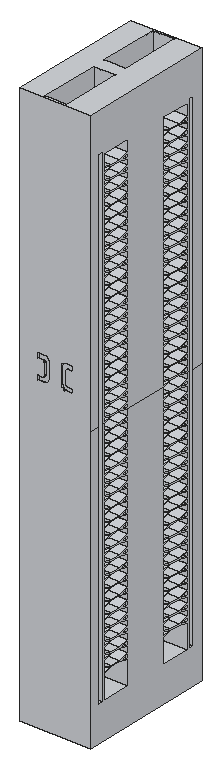
Revit family
Parameters
  Material ID = "760089417"
  Description = "Vertical Cable Management Kit, 12in X 96in (305mm X 2438mm) Double Sided, With Doors, Black"
Reference planes (in)
  plane 1 "Center (Front/Back)": y = 0
  plane 2: z = 0
  plane 3 "Center (Left/Right)": x = 0
Forms (in)
  Extrusion 1, void, not visible
    sketch origin (0, 0, 0) x (1, 0, 0) y (0, 0, 1)
      loop
        line (-7.85662, 0.48089) -> (-7.85662, -0.39002) -> (-7.67285, -0.39002) -> (-7.67285, -0.64002) -> (-7.0736, -0.64002) -> (-7.0736, -0.39002) -> (-6.92978, -0.39002) -> (-6.92978, 0.48089) -> (-7.85662, 0.48089)
    from -3.79215 to 12
  Extrusion 2, void, not visible
    sketch origin (0, 0, 0) x (1, 0, 0) y (0, 0, 1)
      loop
        line (-8.21397, 0.42583) -> (-8.21397, -0.07417) -> (-8.08657, -0.07417) -> (-8.08657, -0.27417) -> (-7.83657, -0.27417) -> (-7.83657, -0.07417) -> (-7.72497, -0.07417) -> (-7.72497, 0.42583) -> (-8.21397, 0.42583)
    from 0.74059 to 3.34334
  Extrusion 3, solid
    sketch origin (0, 0, 0) x (1, 0, 0) y (0, 0, 1)
      loop
        line (6, 48) -> (-6, 48) -> (-6, -48) -> (6, -48) -> (6, 0) -> (6, 48)
    from 11.281 to -12.189
  Extrusion 4, void
    sketch origin (0, 0, 0) x (1, 0, 0) y (0, 0, 1)
      loop
        line (-3, 9.00056) -> (-3, 8.06684) -> (-2.1, 8.06684)
        arc (-2.1, 8.06684) -> (-1.88787, 7.97898) -> (-1.8, 7.76684) r 0.3
        line (-1.8, 7.76684) -> (-1.8, 5.85056)
        arc (-1.8, 5.85056) -> (-1.88787, 5.63843) -> (-2.1, 5.55056) r 0.3
        line (-2.1, 5.55056) -> (-3, 5.55056) -> (-3, 4.75056) -> (-1.8, 4.75056)
        arc (-1.8, 4.75056) -> (-1.23431, 4.98488) -> (-1, 5.55056) r 0.8
        line (-1, 5.55056) -> (-1, 8.20056)
        arc (-1, 8.20056) -> (-1.23431, 8.76625) -> (-1.8, 9.00056) r 0.8
        line (-1.8, 9.00056) -> (-3, 9.00056)
      loop
        line (3, 9.00056) -> (1.8, 9.00056)
        arc (1.8, 9.00056) -> (1.23431, 8.76625) -> (1, 8.20056) r 0.8
        line (1, 8.20056) -> (1, 5.55056)
        arc (1, 5.55056) -> (1.23431, 4.98488) -> (1.8, 4.75056) r 0.8
        line (1.8, 4.75056) -> (3, 4.75056) -> (3, 5.55056) -> (2.1, 5.55056)
        arc (2.1, 5.55056) -> (1.88787, 5.63843) -> (1.8, 5.85056) r 0.3
        line (1.8, 5.85056) -> (1.8, 7.76684)
        arc (1.8, 7.76684) -> (1.88787, 7.97898) -> (2.1, 8.06684) r 0.3
        line (2.1, 8.06684) -> (3, 8.06684) -> (3, 9.00056)
    from 11.08569 to 11.281
  Extrusion 5, void
    sketch origin (0, 0, 0) x (1, 0, 0) y (0, 1, 0)
      loop
        line (1.70983, -0.6615) -> (-2.04017, -0.6615) -> (-2.04017, -10.9115) -> (1.70983, -10.9115) -> (1.70983, -0.6615)
      loop
        line (1.70983, 1.5695) -> (1.70983, 11.8195) -> (-2.04017, 11.8195) -> (-2.04017, 1.5695) -> (1.70983, 1.5695)
    from -58.88014 to 54.97812
  Extrusion 6, void
    sketch origin (0, 0, 0) x (0, 1, 0) y (0, 0, 1)
      loop
        line (-3.37841, 39.06909) -> (-3.37841, 41.06909) -> (-8.50915, 41.06909) -> (-8.50915, 39.06909) -> (-6.81878, 38.61615) -> (-5.06878, 38.61615) -> (-3.37841, 39.06909)
      loop
        line (-3.37841, 38.06909) -> (-5.06878, 38.52202) -> (-6.81878, 38.52202) -> (-8.50915, 38.06909) -> (-8.50915, 37.81909) -> (-8.50915, 37.06909) -> (-6.81878, 36.61615) -> (-5.06878, 36.61615) -> (-3.37841, 37.06909) -> (-3.37841, 37.81909) -> (-3.37841, 38.06909)
      loop
        line (-3.37841, 39.00985) -> (-4.9864, 38.57899) -> (-3.37841, 38.14813) -> (-3.37841, 39.00985)
      loop
        line (-8.50915, 39.00985) -> (-8.50915, 38.14813) -> (-6.90115, 38.57899) -> (-8.50915, 39.00985)
      loop
        line (-3.37841, 36.06909) -> (-5.06878, 36.52202) -> (-6.81878, 36.52202) -> (-8.50915, 36.06909) -> (-8.50915, 35.06909) -> (-6.81878, 34.61615) -> (-5.06878, 34.61615) -> (-3.37841, 35.06909) -> (-3.37841, 36.06909)
      loop
        line (-3.37841, 37.00985) -> (-4.9864, 36.57899) -> (-3.37841, 36.14813) -> (-3.37841, 37.00985)
      loop
        line (-8.50915, 37.00985) -> (-8.50915, 36.14813) -> (-6.90115, 36.57899) -> (-8.50915, 37.00985)
      loop
        line (-3.37841, 34.06909) -> (-5.06878, 34.52202) -> (-6.81878, 34.52202) -> (-8.50915, 34.06909) -> (-8.50915, 33.06909) -> (-6.81878, 32.61615) -> (-5.06878, 32.61615) -> (-3.37841, 33.06909) -> (-3.37841, 34.06909)
      loop
        line (-3.37841, 35.00985) -> (-4.9864, 34.57899) -> (-3.37841, 34.14813) -> (-3.37841, 35.00985)
      loop
        line (-8.50915, 35.00985) -> (-8.50915, 34.14813) -> (-6.90115, 34.57899) -> (-8.50915, 35.00985)
      loop
        line (-3.37841, 32.06909) -> (-5.06878, 32.52202) -> (-6.81878, 32.52202) -> (-8.50915, 32.06909) -> (-8.50915, 31.06909) -> (-6.81878, 30.61615) -> (-5.06878, 30.61615) -> (-3.37841, 31.06909) -> (-3.37841, 32.06909)
      loop
        line (-3.37841, 33.00985) -> (-4.9864, 32.57899) -> (-3.37841, 32.14813) -> (-3.37841, 33.00985)
      loop
        line (-8.50915, 33.00985) -> (-8.50915, 32.14813) -> (-6.90115, 32.57899) -> (-8.50915, 33.00985)
      loop
        line (-3.37841, 30.06909) -> (-5.06878, 30.52202) -> (-6.81878, 30.52202) -> (-8.50915, 30.06909) -> (-8.50915, 29.06909) -> (-6.81878, 28.61615) -> (-5.06878, 28.61615) -> (-3.37841, 29.06909) -> (-3.37841, 30.06909)
      loop
        line (-3.37841, 31.00985) -> (-4.9864, 30.57899) -> (-3.37841, 30.14813) -> (-3.37841, 31.00985)
      loop
        line (-8.50915, 31.00985) -> (-8.50915, 30.14813) -> (-6.90115, 30.57899) -> (-8.50915, 31.00985)
      loop
        line (-3.37841, 28.06909) -> (-5.06878, 28.52202) -> (-6.81878, 28.52202) -> (-8.50915, 28.06909) -> (-8.50915, 27.06909) -> (-6.81878, 26.61615) -> (-5.06878, 26.61615) -> (-3.37841, 27.06909) -> (-3.37841, 28.06909)
      loop
        line (-3.37841, 29.00985) -> (-4.9864, 28.57899) -> (-3.37841, 28.14813) -> (-3.37841, 29.00985)
      loop
        line (-8.50915, 29.00985) -> (-8.50915, 28.14813) -> (-6.90115, 28.57899) -> (-8.50915, 29.00985)
      loop
        line (-3.37841, 26.06909) -> (-5.06878, 26.52202) -> (-6.81878, 26.52202) -> (-8.50915, 26.06909) -> (-8.50915, 25.06909) -> (-6.81878, 24.61615) -> (-5.06878, 24.61615) -> (-3.37841, 25.06909) -> (-3.37841, 26.06909)
      loop
        line (-3.37841, 27.00985) -> (-4.9864, 26.57899) -> (-3.37841, 26.14813) -> (-3.37841, 27.00985)
      loop
        line (-8.50915, 27.00985) -> (-8.50915, 26.14813) -> (-6.90115, 26.57899) -> (-8.50915, 27.00985)
      loop
        line (-3.37841, 24.06909) -> (-5.06878, 24.52202) -> (-6.81878, 24.52202) -> (-8.50915, 24.06909) -> (-8.50915, 23.06909) -> (-6.81878, 22.61615) -> (-5.06878, 22.61615) -> (-3.37841, 23.06909) -> (-3.37841, 24.06909)
      loop
        line (-3.37841, 25.00985) -> (-4.9864, 24.57899) -> (-3.37841, 24.14813) -> (-3.37841, 25.00985)
      loop
        line (-8.50915, 25.00985) -> (-8.50915, 24.14813) -> (-6.90115, 24.57899) -> (-8.50915, 25.00985)
      loop
        line (-3.37841, 22.06909) -> (-5.06878, 22.52202) -> (-6.81878, 22.52202) -> (-8.50915, 22.06909) -> (-8.50915, 21.06909) -> (-6.81878, 20.61615) -> (-5.06878, 20.61615) -> (-3.37841, 21.06909) -> (-3.37841, 22.06909)
      loop
        line (-3.37841, 23.00985) -> (-4.9864, 22.57899) -> (-3.37841, 22.14813) -> (-3.37841, 23.00985)
      loop
        line (-8.50915, 23.00985) -> (-8.50915, 22.14813) -> (-6.90115, 22.57899) -> (-8.50915, 23.00985)
      loop
        line (-3.37841, 20.06909) -> (-5.06878, 20.52202) -> (-6.81878, 20.52202) -> (-8.50915, 20.06909) -> (-8.50915, 19.06909) -> (-6.81878, 18.61615) -> (-5.06878, 18.61615) -> (-3.37841, 19.06909) -> (-3.37841, 20.06909)
      loop
        line (-3.37841, 21.00985) -> (-4.9864, 20.57899) -> (-3.37841, 20.14813) -> (-3.37841, 21.00985)
      loop
        line (-8.50915, 21.00985) -> (-8.50915, 20.14813) -> (-6.90115, 20.57899) -> (-8.50915, 21.00985)
      loop
        line (-3.37841, 18.06909) -> (-5.06878, 18.52202) -> (-6.81878, 18.52202) -> (-8.50915, 18.06909) -> (-8.50915, 17.06909) -> (-6.81878, 16.61615) -> (-5.06878, 16.61615) -> (-3.37841, 17.06909) -> (-3.37841, 18.06909)
      loop
        line (-3.37841, 19.00985) -> (-4.9864, 18.57899) -> (-3.37841, 18.14813) -> (-3.37841, 19.00985)
      loop
        line (-8.50915, 19.00985) -> (-8.50915, 18.14813) -> (-6.90115, 18.57899) -> (-8.50915, 19.00985)
      loop
        line (-3.37841, 16.06909) -> (-5.06878, 16.52202) -> (-6.81878, 16.52202) -> (-8.50915, 16.06909) -> (-8.50915, 15.06909) -> (-6.81878, 14.61615) -> (-5.06878, 14.61615) -> (-3.37841, 15.06909) -> (-3.37841, 16.06909)
      loop
        line (-3.37841, 17.00985) -> (-4.9864, 16.57899) -> (-3.37841, 16.14813) -> (-3.37841, 17.00985)
      loop
        line (-8.50915, 17.00985) -> (-8.50915, 16.14813) -> (-6.90115, 16.57899) -> (-8.50915, 17.00985)
      loop
        line (-3.37841, 14.06909) -> (-5.06878, 14.52202) -> (-6.81878, 14.52202) -> (-8.50915, 14.06909) -> (-8.50915, 13.06909) -> (-6.81878, 12.61615) -> (-5.06878, 12.61615) -> (-3.37841, 13.06909) -> (-3.37841, 14.06909)
      loop
        line (-3.37841, 15.00985) -> (-4.9864, 14.57899) -> (-3.37841, 14.14813) -> (-3.37841, 15.00985)
      loop
        line (-8.50915, 15.00985) -> (-8.50915, 14.14813) -> (-6.90115, 14.57899) -> (-8.50915, 15.00985)
      loop
        line (-3.37841, 12.06909) -> (-5.06878, 12.52202) -> (-6.81878, 12.52202) -> (-8.50915, 12.06909) -> (-8.50915, 11.06909) -> (-6.81878, 10.61615) -> (-5.06878, 10.61615) -> (-3.37841, 11.06909) -> (-3.37841, 12.06909)
      loop
        line (-3.37841, 13.00985) -> (-4.9864, 12.57899) -> (-3.37841, 12.14813) -> (-3.37841, 13.00985)
      loop
        line (-8.50915, 13.00985) -> (-8.50915, 12.14813) -> (-6.90115, 12.57899) -> (-8.50915, 13.00985)
      loop
        line (-3.37841, 10.06909) -> (-5.06878, 10.52202) -> (-6.81878, 10.52202) -> (-8.50915, 10.06909) -> (-8.50915, 9.06909) -> (-6.81878, 8.61615) -> (-5.06878, 8.61615) -> (-3.37841, 9.06909) -> (-3.37841, 10.06909)
      loop
        line (-3.37841, 11.00985) -> (-4.9864, 10.57899) -> (-3.37841, 10.14813) -> (-3.37841, 11.00985)
      loop
        line (-8.50915, 11.00985) -> (-8.50915, 10.14813) -> (-6.90115, 10.57899) -> (-8.50915, 11.00985)
      loop
        line (-3.37841, 8.06909) -> (-5.06878, 8.52202) -> (-6.81878, 8.52202) -> (-8.50915, 8.06909) -> (-8.50915, 7.06909) -> (-6.81878, 6.61615) -> (-5.06878, 6.61615) -> (-3.37841, 7.06909) -> (-3.37841, 8.06909)
      loop
        line (-3.37841, 9.00985) -> (-4.9864, 8.57899) -> (-3.37841, 8.14813) -> (-3.37841, 9.00985)
      loop
        line (-8.50915, 9.00985) -> (-8.50915, 8.14813) -> (-6.90115, 8.57899) -> (-8.50915, 9.00985)
      loop
        line (-3.37841, 6.06909) -> (-5.06878, 6.52202) -> (-6.81878, 6.52202) -> (-8.50915, 6.06909) -> (-8.50915, 5.06909) -> (-6.81878, 4.61615) -> (-5.06878, 4.61615) -> (-3.37841, 5.06909) -> (-3.37841, 6.06909)
      loop
        line (-3.37841, 7.00985) -> (-4.9864, 6.57899) -> (-3.37841, 6.14813) -> (-3.37841, 7.00985)
      loop
        line (-8.50915, 7.00985) -> (-8.50915, 6.14813) -> (-6.90115, 6.57899) -> (-8.50915, 7.00985)
      loop
        line (-3.37841, 4.06909) -> (-5.06878, 4.52202) -> (-6.81878, 4.52202) -> (-8.50915, 4.06909) -> (-8.50915, 3.06909) -> (-6.81878, 2.61615) -> (-5.06878, 2.61615) -> (-3.37841, 3.06909) -> (-3.37841, 4.06909)
      loop
        line (-3.37841, 5.00985) -> (-4.9864, 4.57899) -> (-3.37841, 4.14813) -> (-3.37841, 5.00985)
      loop
        line (-8.50915, 5.00985) -> (-8.50915, 4.14813) -> (-6.90115, 4.57899) -> (-8.50915, 5.00985)
      loop
        line (-3.37841, 2.06909) -> (-5.06878, 2.52202) -> (-6.81878, 2.52202) -> (-8.50915, 2.06909) -> (-8.50915, 1.06909) -> (-6.81878, 0.61615) -> (-5.06878, 0.61615) -> (-3.37841, 1.06909) -> (-3.37841, 2.06909)
      loop
        line (-3.37841, 3.00985) -> (-4.9864, 2.57899) -> (-3.37841, 2.14813) -> (-3.37841, 3.00985)
      loop
        line (-8.50915, 3.00985) -> (-8.50915, 2.14813) -> (-6.90115, 2.57899) -> (-8.50915, 3.00985)
      loop
        line (-3.37841, 0.06909) -> (-5.06878, 0.52202) -> (-6.81878, 0.52202) -> (-8.50915, 0.06909) -> (-8.50915, -0.93091) -> (-6.81878, -1.38385) -> (-5.06878, -1.38385) -> (-3.37841, -0.93091) -> (-3.37841, 0.06909)
      loop
        line (-3.37841, 1.00985) -> (-4.9864, 0.57899) -> (-3.37841, 0.14813) -> (-3.37841, 1.00985)
      loop
        line (-8.50915, 1.00985) -> (-8.50915, 0.14813) -> (-6.90115, 0.57899) -> (-8.50915, 1.00985)
      loop
        line (-3.37841, -1.93091) -> (-5.06878, -1.47798) -> (-6.81878, -1.47798) -> (-8.50915, -1.93091) -> (-8.50915, -2.93091) -> (-6.81878, -3.38385) -> (-5.06878, -3.38385) -> (-3.37841, -2.93091) -> (-3.37841, -1.93091)
      loop
        line (-3.37841, -0.99015) -> (-4.9864, -1.42101) -> (-3.37841, -1.85187) -> (-3.37841, -0.99015)
      loop
        line (-8.50915, -0.99015) -> (-8.50915, -1.85187) -> (-6.90115, -1.42101) -> (-8.50915, -0.99015)
      loop
        line (-3.37841, -3.93091) -> (-5.06878, -3.47798) -> (-6.81878, -3.47798) -> (-8.50915, -3.93091) -> (-8.50915, -4.93091) -> (-6.81878, -5.38385) -> (-5.06878, -5.38385) -> (-3.37841, -4.93091) -> (-3.37841, -3.93091)
      loop
        line (-3.37841, -2.99015) -> (-4.9864, -3.42101) -> (-3.37841, -3.85187) -> (-3.37841, -2.99015)
      loop
        line (-8.50915, -2.99015) -> (-8.50915, -3.85187) -> (-6.90115, -3.42101) -> (-8.50915, -2.99015)
      loop
        line (-3.37841, -5.93091) -> (-5.06878, -5.47798) -> (-6.81878, -5.47798) -> (-8.50915, -5.93091) -> (-8.50915, -6.93091) -> (-6.81878, -7.38385) -> (-5.06878, -7.38385) -> (-3.37841, -6.93091) -> (-3.37841, -5.93091)
      loop
        line (-3.37841, -4.99015) -> (-4.9864, -5.42101) -> (-3.37841, -5.85187) -> (-3.37841, -4.99015)
      loop
        line (-8.50915, -4.99015) -> (-8.50915, -5.85187) -> (-6.90115, -5.42101) -> (-8.50915, -4.99015)
      loop
        line (-3.37841, -7.93091) -> (-5.06878, -7.47798) -> (-6.81878, -7.47798) -> (-8.50915, -7.93091) -> (-8.50915, -8.93091) -> (-6.81878, -9.38385) -> (-5.06878, -9.38385) -> (-3.37841, -8.93091) -> (-3.37841, -7.93091)
      loop
        line (-3.37841, -6.99015) -> (-4.9864, -7.42101) -> (-3.37841, -7.85187) -> (-3.37841, -6.99015)
      loop
        line (-8.50915, -6.99015) -> (-8.50915, -7.85187) -> (-6.90115, -7.42101) -> (-8.50915, -6.99015)
      loop
        line (-3.37841, -9.93091) -> (-5.06878, -9.47798) -> (-6.81878, -9.47798) -> (-8.50915, -9.93091) -> (-8.50915, -10.93091) -> (-6.81878, -11.38385) -> (-5.06878, -11.38385) -> (-3.37841, -10.93091) -> (-3.37841, -9.93091)
      loop
        line (-3.37841, -8.99015) -> (-4.9864, -9.42101) -> (-3.37841, -9.85187) -> (-3.37841, -8.99015)
      loop
        line (-8.50915, -8.99015) -> (-8.50915, -9.85187) -> (-6.90115, -9.42101) -> (-8.50915, -8.99015)
      loop
        line (-3.37841, -11.93091) -> (-5.06878, -11.47798) -> (-6.81878, -11.47798) -> (-8.50915, -11.93091) -> (-8.50915, -12.93091) -> (-6.81878, -13.38385) -> (-5.06878, -13.38385) -> (-3.37841, -12.93091) -> (-3.37841, -11.93091)
      loop
        line (-3.37841, -10.99015) -> (-4.9864, -11.42101) -> (-3.37841, -11.85187) -> (-3.37841, -10.99015)
      loop
        line (-8.50915, -10.99015) -> (-8.50915, -11.85187) -> (-6.90115, -11.42101) -> (-8.50915, -10.99015)
      loop
        line (-3.37841, -13.93091) -> (-5.06878, -13.47798) -> (-6.81878, -13.47798) -> (-8.50915, -13.93091) -> (-8.50915, -14.93091) -> (-6.81878, -15.38385) -> (-5.06878, -15.38385) -> (-3.37841, -14.93091) -> (-3.37841, -13.93091)
      loop
        line (-3.37841, -12.99015) -> (-4.9864, -13.42101) -> (-3.37841, -13.85187) -> (-3.37841, -12.99015)
      loop
        line (-8.50915, -12.99015) -> (-8.50915, -13.85187) -> (-6.90115, -13.42101) -> (-8.50915, -12.99015)
      loop
        line (-3.37841, -15.93091) -> (-5.06878, -15.47798) -> (-6.81878, -15.47798) -> (-8.50915, -15.93091) -> (-8.50915, -16.93091) -> (-6.81878, -17.38385) -> (-5.06878, -17.38385) -> (-3.37841, -16.93091) -> (-3.37841, -15.93091)
      loop
        line (-3.37841, -14.99015) -> (-4.9864, -15.42101) -> (-3.37841, -15.85187) -> (-3.37841, -14.99015)
      loop
        line (-8.50915, -14.99015) -> (-8.50915, -15.85187) -> (-6.90115, -15.42101) -> (-8.50915, -14.99015)
      loop
        line (-3.37841, -17.93091) -> (-5.06878, -17.47798) -> (-6.81878, -17.47798) -> (-8.50915, -17.93091) -> (-8.50915, -18.93091) -> (-6.81878, -19.38385) -> (-5.06878, -19.38385) -> (-3.37841, -18.93091) -> (-3.37841, -17.93091)
      loop
        line (-3.37841, -16.99015) -> (-4.9864, -17.42101) -> (-3.37841, -17.85187) -> (-3.37841, -16.99015)
      loop
        line (-8.50915, -16.99015) -> (-8.50915, -17.85187) -> (-6.90115, -17.42101) -> (-8.50915, -16.99015)
      loop
        line (-3.37841, -19.93091) -> (-5.06878, -19.47798) -> (-6.81878, -19.47798) -> (-8.50915, -19.93091) -> (-8.50915, -20.93091) -> (-6.81878, -21.38385) -> (-5.06878, -21.38385) -> (-3.37841, -20.93091) -> (-3.37841, -19.93091)
      loop
        line (-3.37841, -18.99015) -> (-4.9864, -19.42101) -> (-3.37841, -19.85187) -> (-3.37841, -18.99015)
      loop
        line (-8.50915, -18.99015) -> (-8.50915, -19.85187) -> (-6.90115, -19.42101) -> (-8.50915, -18.99015)
      loop
        line (-3.37841, -21.93091) -> (-5.06878, -21.47798) -> (-6.81878, -21.47798) -> (-8.50915, -21.93091) -> (-8.50915, -22.93091) -> (-6.81878, -23.38385) -> (-5.06878, -23.38385) -> (-3.37841, -22.93091) -> (-3.37841, -21.93091)
      loop
        line (-3.37841, -20.99015) -> (-4.9864, -21.42101) -> (-3.37841, -21.85187) -> (-3.37841, -20.99015)
      loop
        line (-8.50915, -20.99015) -> (-8.50915, -21.85187) -> (-6.90115, -21.42101) -> (-8.50915, -20.99015)
      loop
        line (-3.37841, -23.93091) -> (-5.06878, -23.47798) -> (-6.81878, -23.47798) -> (-8.50915, -23.93091) -> (-8.50915, -24.93091) -> (-6.81878, -25.38385) -> (-5.06878, -25.38385) -> (-3.37841, -24.93091) -> (-3.37841, -23.93091)
      loop
        line (-3.37841, -22.99015) -> (-4.9864, -23.42101) -> (-3.37841, -23.85187) -> (-3.37841, -22.99015)
      loop
        line (-8.50915, -22.99015) -> (-8.50915, -23.85187) -> (-6.90115, -23.42101) -> (-8.50915, -22.99015)
      loop
        line (-3.37841, -25.93091) -> (-5.06878, -25.47798) -> (-6.81878, -25.47798) -> (-8.50915, -25.93091) -> (-8.50915, -26.93091) -> (-6.81878, -27.38385) -> (-5.06878, -27.38385) -> (-3.37841, -26.93091) -> (-3.37841, -25.93091)
      loop
        line (-3.37841, -24.99015) -> (-4.9864, -25.42101) -> (-3.37841, -25.85187) -> (-3.37841, -24.99015)
      loop
        line (-8.50915, -24.99015) -> (-8.50915, -25.85187) -> (-6.90115, -25.42101) -> (-8.50915, -24.99015)
      loop
        line (-3.37841, -27.93091) -> (-5.06878, -27.47798) -> (-6.81878, -27.47798) -> (-8.50915, -27.93091) -> (-8.50915, -28.93091) -> (-6.81878, -29.38385) -> (-5.06878, -29.38385) -> (-3.37841, -28.93091) -> (-3.37841, -27.93091)
      loop
        line (-3.37841, -26.99015) -> (-4.9864, -27.42101) -> (-3.37841, -27.85187) -> (-3.37841, -26.99015)
      loop
        line (-8.50915, -26.99015) -> (-8.50915, -27.85187) -> (-6.90115, -27.42101) -> (-8.50915, -26.99015)
      loop
        line (-3.37841, -29.93091) -> (-5.06878, -29.47798) -> (-6.81878, -29.47798) -> (-8.50915, -29.93091) -> (-8.50915, -30.93091) -> (-6.81878, -31.38385) -> (-5.06878, -31.38385) -> (-3.37841, -30.93091) -> (-3.37841, -29.93091)
      loop
        line (-3.37841, -28.99015) -> (-4.9864, -29.42101) -> (-3.37841, -29.85187) -> (-3.37841, -28.99015)
      loop
        line (-8.50915, -28.99015) -> (-8.50915, -29.85187) -> (-6.90115, -29.42101) -> (-8.50915, -28.99015)
      loop
        line (-3.37841, -31.93091) -> (-5.06878, -31.47798) -> (-6.81878, -31.47798) -> (-8.50915, -31.93091) -> (-8.50915, -32.93091) -> (-6.81878, -33.38385) -> (-5.06878, -33.38385) -> (-3.37841, -32.93091) -> (-3.37841, -31.93091)
      loop
        line (-3.37841, -30.99015) -> (-4.9864, -31.42101) -> (-3.37841, -31.85187) -> (-3.37841, -30.99015)
      loop
        line (-8.50915, -30.99015) -> (-8.50915, -31.85187) -> (-6.90115, -31.42101) -> (-8.50915, -30.99015)
      loop
        line (-3.37841, -33.93091) -> (-5.06878, -33.47798) -> (-6.81878, -33.47798) -> (-8.50915, -33.93091) -> (-8.50915, -34.93091) -> (-6.81878, -35.38385) -> (-5.06878, -35.38385) -> (-3.37841, -34.93091) -> (-3.37841, -33.93091)
      loop
        line (-3.37841, -32.99015) -> (-4.9864, -33.42101) -> (-3.37841, -33.85187) -> (-3.37841, -32.99015)
      loop
        line (-8.50915, -32.99015) -> (-8.50915, -33.85187) -> (-6.90115, -33.42101) -> (-8.50915, -32.99015)
      loop
        line (-3.37841, -35.93091) -> (-5.06878, -35.47798) -> (-6.81878, -35.47798) -> (-8.50915, -35.93091) -> (-8.50915, -36.93091) -> (-6.81878, -37.38385) -> (-5.06878, -37.38385) -> (-3.37841, -36.93091) -> (-3.37841, -35.93091)
      loop
        line (-3.37841, -34.99015) -> (-4.9864, -35.42101) -> (-3.37841, -35.85187) -> (-3.37841, -34.99015)
      loop
        line (-8.50915, -34.99015) -> (-8.50915, -35.85187) -> (-6.90115, -35.42101) -> (-8.50915, -34.99015)
      loop
        line (-3.37841, -37.93091) -> (-5.06878, -37.47798) -> (-6.81878, -37.47798) -> (-8.50915, -37.93091) -> (-8.50915, -42) -> (-3.37841, -42) -> (-3.37841, -37.93091)
      loop
        line (-3.37841, -36.99015) -> (-4.9864, -37.42101) -> (-3.37841, -37.85187) -> (-3.37841, -36.99015)
      loop
        line (-8.50915, -36.99015) -> (-8.50915, -37.85187) -> (-6.90115, -37.42101) -> (-8.50915, -36.99015)
      loop
        line (4.05541, 39.06909) -> (5.74578, 38.61615) -> (7.49578, 38.61615) -> (9.18615, 39.06909) -> (9.18615, 41.06909) -> (4.05541, 41.06909) -> (4.05541, 39.06909)
      loop
        line (4.05541, 38.06909) -> (4.05541, 37.81909) -> (4.05541, 37.06909) -> (5.74578, 36.61615) -> (7.49578, 36.61615) -> (9.18615, 37.06909) -> (9.18615, 37.81909) -> (9.18615, 38.06909) -> (7.49578, 38.52202) -> (5.74578, 38.52202) -> (4.05541, 38.06909)
      loop
        line (4.05541, 39.00985) -> (4.05541, 38.14813) -> (5.6634, 38.57899) -> (4.05541, 39.00985)
      loop
        line (9.18615, 39.00985) -> (7.57815, 38.57899) -> (9.18615, 38.14813) -> (9.18615, 39.00985)
      loop
        line (4.05541, 36.06909) -> (4.05541, 35.06909) -> (5.74578, 34.61615) -> (7.49578, 34.61615) -> (9.18615, 35.06909) -> (9.18615, 36.06909) -> (7.49578, 36.52202) -> (5.74578, 36.52202) -> (4.05541, 36.06909)
      loop
        line (4.05541, 37.00985) -> (4.05541, 36.14813) -> (5.6634, 36.57899) -> (4.05541, 37.00985)
      loop
        line (9.18615, 37.00985) -> (7.57815, 36.57899) -> (9.18615, 36.14813) -> (9.18615, 37.00985)
      loop
        line (4.05541, 34.06909) -> (4.05541, 33.06909) -> (5.74578, 32.61615) -> (7.49578, 32.61615) -> (9.18615, 33.06909) -> (9.18615, 34.06909) -> (7.49578, 34.52202) -> (5.74578, 34.52202) -> (4.05541, 34.06909)
      loop
        line (4.05541, 35.00985) -> (4.05541, 34.14813) -> (5.6634, 34.57899) -> (4.05541, 35.00985)
      loop
        line (9.18615, 35.00985) -> (7.57815, 34.57899) -> (9.18615, 34.14813) -> (9.18615, 35.00985)
      loop
        line (4.05541, 32.06909) -> (4.05541, 31.06909) -> (5.74578, 30.61615) -> (7.49578, 30.61615) -> (9.18615, 31.06909) -> (9.18615, 32.06909) -> (7.49578, 32.52202) -> (5.74578, 32.52202) -> (4.05541, 32.06909)
      loop
        line (4.05541, 33.00985) -> (4.05541, 32.14813) -> (5.6634, 32.57899) -> (4.05541, 33.00985)
      loop
        line (9.18615, 33.00985) -> (7.57815, 32.57899) -> (9.18615, 32.14813) -> (9.18615, 33.00985)
      loop
        line (4.05541, 30.06909) -> (4.05541, 29.06909) -> (5.74578, 28.61615) -> (7.49578, 28.61615) -> (9.18615, 29.06909) -> (9.18615, 30.06909) -> (7.49578, 30.52202) -> (5.74578, 30.52202) -> (4.05541, 30.06909)
      loop
        line (4.05541, 31.00985) -> (4.05541, 30.14813) -> (5.6634, 30.57899) -> (4.05541, 31.00985)
      loop
        line (9.18615, 31.00985) -> (7.57815, 30.57899) -> (9.18615, 30.14813) -> (9.18615, 31.00985)
      loop
        line (4.05541, 28.06909) -> (4.05541, 27.06909) -> (5.74578, 26.61615) -> (7.49578, 26.61615) -> (9.18615, 27.06909) -> (9.18615, 28.06909) -> (7.49578, 28.52202) -> (5.74578, 28.52202) -> (4.05541, 28.06909)
      loop
        line (4.05541, 29.00985) -> (4.05541, 28.14813) -> (5.6634, 28.57899) -> (4.05541, 29.00985)
      loop
        line (9.18615, 29.00985) -> (7.57815, 28.57899) -> (9.18615, 28.14813) -> (9.18615, 29.00985)
      loop
        line (4.05541, 26.06909) -> (4.05541, 25.06909) -> (5.74578, 24.61615) -> (7.49578, 24.61615) -> (9.18615, 25.06909) -> (9.18615, 26.06909) -> (7.49578, 26.52202) -> (5.74578, 26.52202) -> (4.05541, 26.06909)
      loop
        line (4.05541, 27.00985) -> (4.05541, 26.14813) -> (5.6634, 26.57899) -> (4.05541, 27.00985)
      loop
        line (9.18615, 27.00985) -> (7.57815, 26.57899) -> (9.18615, 26.14813) -> (9.18615, 27.00985)
      loop
        line (4.05541, 24.06909) -> (4.05541, 23.06909) -> (5.74578, 22.61615) -> (7.49578, 22.61615) -> (9.18615, 23.06909) -> (9.18615, 24.06909) -> (7.49578, 24.52202) -> (5.74578, 24.52202) -> (4.05541, 24.06909)
      loop
        line (4.05541, 25.00985) -> (4.05541, 24.14813) -> (5.6634, 24.57899) -> (4.05541, 25.00985)
      loop
        line (9.18615, 25.00985) -> (7.57815, 24.57899) -> (9.18615, 24.14813) -> (9.18615, 25.00985)
      loop
        line (4.05541, 22.06909) -> (4.05541, 21.06909) -> (5.74578, 20.61615) -> (7.49578, 20.61615) -> (9.18615, 21.06909) -> (9.18615, 22.06909) -> (7.49578, 22.52202) -> (5.74578, 22.52202) -> (4.05541, 22.06909)
      loop
        line (4.05541, 23.00985) -> (4.05541, 22.14813) -> (5.6634, 22.57899) -> (4.05541, 23.00985)
      loop
        line (9.18615, 23.00985) -> (7.57815, 22.57899) -> (9.18615, 22.14813) -> (9.18615, 23.00985)
      loop
        line (4.05541, 20.06909) -> (4.05541, 19.06909) -> (5.74578, 18.61615) -> (7.49578, 18.61615) -> (9.18615, 19.06909) -> (9.18615, 20.06909) -> (7.49578, 20.52202) -> (5.74578, 20.52202) -> (4.05541, 20.06909)
      loop
        line (4.05541, 21.00985) -> (4.05541, 20.14813) -> (5.6634, 20.57899) -> (4.05541, 21.00985)
      loop
        line (9.18615, 21.00985) -> (7.57815, 20.57899) -> (9.18615, 20.14813) -> (9.18615, 21.00985)
      loop
        line (4.05541, 18.06909) -> (4.05541, 17.06909) -> (5.74578, 16.61615) -> (7.49578, 16.61615) -> (9.18615, 17.06909) -> (9.18615, 18.06909) -> (7.49578, 18.52202) -> (5.74578, 18.52202) -> (4.05541, 18.06909)
      loop
        line (4.05541, 19.00985) -> (4.05541, 18.14813) -> (5.6634, 18.57899) -> (4.05541, 19.00985)
      loop
        line (9.18615, 19.00985) -> (7.57815, 18.57899) -> (9.18615, 18.14813) -> (9.18615, 19.00985)
      loop
        line (4.05541, 16.06909) -> (4.05541, 15.06909) -> (5.74578, 14.61615) -> (7.49578, 14.61615) -> (9.18615, 15.06909) -> (9.18615, 16.06909) -> (7.49578, 16.52202) -> (5.74578, 16.52202) -> (4.05541, 16.06909)
      loop
        line (4.05541, 17.00985) -> (4.05541, 16.14813) -> (5.6634, 16.57899) -> (4.05541, 17.00985)
      loop
        line (9.18615, 17.00985) -> (7.57815, 16.57899) -> (9.18615, 16.14813) -> (9.18615, 17.00985)
      loop
        line (4.05541, 14.06909) -> (4.05541, 13.06909) -> (5.74578, 12.61615) -> (7.49578, 12.61615) -> (9.18615, 13.06909) -> (9.18615, 14.06909) -> (7.49578, 14.52202) -> (5.74578, 14.52202) -> (4.05541, 14.06909)
      loop
        line (4.05541, 15.00985) -> (4.05541, 14.14813) -> (5.6634, 14.57899) -> (4.05541, 15.00985)
      loop
        line (9.18615, 15.00985) -> (7.57815, 14.57899) -> (9.18615, 14.14813) -> (9.18615, 15.00985)
      loop
        line (4.05541, 12.06909) -> (4.05541, 11.06909) -> (5.74578, 10.61615) -> (7.49578, 10.61615) -> (9.18615, 11.06909) -> (9.18615, 12.06909) -> (7.49578, 12.52202) -> (5.74578, 12.52202) -> (4.05541, 12.06909)
      loop
        line (4.05541, 13.00985) -> (4.05541, 12.14813) -> (5.6634, 12.57899) -> (4.05541, 13.00985)
      loop
        line (9.18615, 13.00985) -> (7.57815, 12.57899) -> (9.18615, 12.14813) -> (9.18615, 13.00985)
      loop
        line (4.05541, 10.06909) -> (4.05541, 9.06909) -> (5.74578, 8.61615) -> (7.49578, 8.61615) -> (9.18615, 9.06909) -> (9.18615, 10.06909) -> (7.49578, 10.52202) -> (5.74578, 10.52202) -> (4.05541, 10.06909)
      loop
        line (4.05541, 11.00985) -> (4.05541, 10.14813) -> (5.6634, 10.57899) -> (4.05541, 11.00985)
      loop
        line (9.18615, 11.00985) -> (7.57815, 10.57899) -> (9.18615, 10.14813) -> (9.18615, 11.00985)
      loop
        line (4.05541, 8.06909) -> (4.05541, 7.06909) -> (5.74578, 6.61615) -> (7.49578, 6.61615) -> (9.18615, 7.06909) -> (9.18615, 8.06909) -> (7.49578, 8.52202) -> (5.74578, 8.52202) -> (4.05541, 8.06909)
      loop
        line (4.05541, 9.00985) -> (4.05541, 8.14813) -> (5.6634, 8.57899) -> (4.05541, 9.00985)
      loop
        line (9.18615, 9.00985) -> (7.57815, 8.57899) -> (9.18615, 8.14813) -> (9.18615, 9.00985)
      loop
        line (4.05541, 6.06909) -> (4.05541, 5.06909) -> (5.74578, 4.61615) -> (7.49578, 4.61615) -> (9.18615, 5.06909) -> (9.18615, 6.06909) -> (7.49578, 6.52202) -> (5.74578, 6.52202) -> (4.05541, 6.06909)
      loop
        line (4.05541, 7.00985) -> (4.05541, 6.14813) -> (5.6634, 6.57899) -> (4.05541, 7.00985)
      loop
        line (9.18615, 7.00985) -> (7.57815, 6.57899) -> (9.18615, 6.14813) -> (9.18615, 7.00985)
      loop
        line (4.05541, 4.06909) -> (4.05541, 3.06909) -> (5.74578, 2.61615) -> (7.49578, 2.61615) -> (9.18615, 3.06909) -> (9.18615, 4.06909) -> (7.49578, 4.52202) -> (5.74578, 4.52202) -> (4.05541, 4.06909)
      loop
        line (4.05541, 5.00985) -> (4.05541, 4.14813) -> (5.6634, 4.57899) -> (4.05541, 5.00985)
      loop
        line (9.18615, 5.00985) -> (7.57815, 4.57899) -> (9.18615, 4.14813) -> (9.18615, 5.00985)
      loop
        line (4.05541, 2.06909) -> (4.05541, 1.06909) -> (5.74578, 0.61615) -> (7.49578, 0.61615) -> (9.18615, 1.06909) -> (9.18615, 2.06909) -> (7.49578, 2.52202) -> (5.74578, 2.52202) -> (4.05541, 2.06909)
      loop
        line (4.05541, 3.00985) -> (4.05541, 2.14813) -> (5.6634, 2.57899) -> (4.05541, 3.00985)
      loop
        line (9.18615, 3.00985) -> (7.57815, 2.57899) -> (9.18615, 2.14813) -> (9.18615, 3.00985)
      loop
        line (4.05541, 0.06909) -> (4.05541, -0.93091) -> (5.74578, -1.38385) -> (7.49578, -1.38385) -> (9.18615, -0.93091) -> (9.18615, 0.06909) -> (7.49578, 0.52202) -> (5.74578, 0.52202) -> (4.05541, 0.06909)
      loop
        line (4.05541, 1.00985) -> (4.05541, 0.14813) -> (5.6634, 0.57899) -> (4.05541, 1.00985)
      loop
        line (9.18615, 1.00985) -> (7.57815, 0.57899) -> (9.18615, 0.14813) -> (9.18615, 1.00985)
      loop
        line (4.05541, -1.93091) -> (4.05541, -2.93091) -> (5.74578, -3.38385) -> (7.49578, -3.38385) -> (9.18615, -2.93091) -> (9.18615, -1.93091) -> (7.49578, -1.47798) -> (5.74578, -1.47798) -> (4.05541, -1.93091)
      loop
        line (4.05541, -0.99015) -> (4.05541, -1.85187) -> (5.6634, -1.42101) -> (4.05541, -0.99015)
      loop
        line (9.18615, -0.99015) -> (7.57815, -1.42101) -> (9.18615, -1.85187) -> (9.18615, -0.99015)
      loop
        line (4.05541, -3.93091) -> (4.05541, -4.93091) -> (5.74578, -5.38385) -> (7.49578, -5.38385) -> (9.18615, -4.93091) -> (9.18615, -3.93091) -> (7.49578, -3.47798) -> (5.74578, -3.47798) -> (4.05541, -3.93091)
      loop
        line (4.05541, -2.99015) -> (4.05541, -3.85187) -> (5.6634, -3.42101) -> (4.05541, -2.99015)
      loop
        line (9.18615, -2.99015) -> (7.57815, -3.42101) -> (9.18615, -3.85187) -> (9.18615, -2.99015)
      loop
        line (4.05541, -5.93091) -> (4.05541, -6.93091) -> (5.74578, -7.38385) -> (7.49578, -7.38385) -> (9.18615, -6.93091) -> (9.18615, -5.93091) -> (7.49578, -5.47798) -> (5.74578, -5.47798) -> (4.05541, -5.93091)
      loop
        line (4.05541, -4.99015) -> (4.05541, -5.85187) -> (5.6634, -5.42101) -> (4.05541, -4.99015)
      loop
        line (9.18615, -4.99015) -> (7.57815, -5.42101) -> (9.18615, -5.85187) -> (9.18615, -4.99015)
      loop
        line (4.05541, -7.93091) -> (4.05541, -8.93091) -> (5.74578, -9.38385) -> (7.49578, -9.38385) -> (9.18615, -8.93091) -> (9.18615, -7.93091) -> (7.49578, -7.47798) -> (5.74578, -7.47798) -> (4.05541, -7.93091)
      loop
        line (4.05541, -6.99015) -> (4.05541, -7.85187) -> (5.6634, -7.42101) -> (4.05541, -6.99015)
      loop
        line (9.18615, -6.99015) -> (7.57815, -7.42101) -> (9.18615, -7.85187) -> (9.18615, -6.99015)
      loop
        line (4.05541, -9.93091) -> (4.05541, -10.93091) -> (5.74578, -11.38385) -> (7.49578, -11.38385) -> (9.18615, -10.93091) -> (9.18615, -9.93091) -> (7.49578, -9.47798) -> (5.74578, -9.47798) -> (4.05541, -9.93091)
      loop
        line (4.05541, -8.99015) -> (4.05541, -9.85187) -> (5.6634, -9.42101) -> (4.05541, -8.99015)
      loop
        line (9.18615, -8.99015) -> (7.57815, -9.42101) -> (9.18615, -9.85187) -> (9.18615, -8.99015)
      loop
        line (4.05541, -11.93091) -> (4.05541, -12.93091) -> (5.74578, -13.38385) -> (7.49578, -13.38385) -> (9.18615, -12.93091) -> (9.18615, -11.93091) -> (7.49578, -11.47798) -> (5.74578, -11.47798) -> (4.05541, -11.93091)
      loop
        line (4.05541, -10.99015) -> (4.05541, -11.85187) -> (5.6634, -11.42101) -> (4.05541, -10.99015)
      loop
        line (9.18615, -10.99015) -> (7.57815, -11.42101) -> (9.18615, -11.85187) -> (9.18615, -10.99015)
      loop
        line (4.05541, -13.93091) -> (4.05541, -14.93091) -> (5.74578, -15.38385) -> (7.49578, -15.38385) -> (9.18615, -14.93091) -> (9.18615, -13.93091) -> (7.49578, -13.47798) -> (5.74578, -13.47798) -> (4.05541, -13.93091)
      loop
        line (4.05541, -12.99015) -> (4.05541, -13.85187) -> (5.6634, -13.42101) -> (4.05541, -12.99015)
      loop
        line (9.18615, -12.99015) -> (7.57815, -13.42101) -> (9.18615, -13.85187) -> (9.18615, -12.99015)
      loop
        line (4.05541, -15.93091) -> (4.05541, -16.93091) -> (5.74578, -17.38385) -> (7.49578, -17.38385) -> (9.18615, -16.93091) -> (9.18615, -15.93091) -> (7.49578, -15.47798) -> (5.74578, -15.47798) -> (4.05541, -15.93091)
      loop
        line (4.05541, -14.99015) -> (4.05541, -15.85187) -> (5.6634, -15.42101) -> (4.05541, -14.99015)
      loop
        line (9.18615, -14.99015) -> (7.57815, -15.42101) -> (9.18615, -15.85187) -> (9.18615, -14.99015)
      loop
        line (4.05541, -17.93091) -> (4.05541, -18.93091) -> (5.74578, -19.38385) -> (7.49578, -19.38385) -> (9.18615, -18.93091) -> (9.18615, -17.93091) -> (7.49578, -17.47798) -> (5.74578, -17.47798) -> (4.05541, -17.93091)
      loop
        line (4.05541, -16.99015) -> (4.05541, -17.85187) -> (5.6634, -17.42101) -> (4.05541, -16.99015)
      loop
        line (9.18615, -16.99015) -> (7.57815, -17.42101) -> (9.18615, -17.85187) -> (9.18615, -16.99015)
      loop
        line (4.05541, -19.93091) -> (4.05541, -20.93091) -> (5.74578, -21.38385) -> (7.49578, -21.38385) -> (9.18615, -20.93091) -> (9.18615, -19.93091) -> (7.49578, -19.47798) -> (5.74578, -19.47798) -> (4.05541, -19.93091)
      loop
        line (4.05541, -18.99015) -> (4.05541, -19.85187) -> (5.6634, -19.42101) -> (4.05541, -18.99015)
      loop
        line (9.18615, -18.99015) -> (7.57815, -19.42101) -> (9.18615, -19.85187) -> (9.18615, -18.99015)
      loop
        line (4.05541, -21.93091) -> (4.05541, -22.93091) -> (5.74578, -23.38385) -> (7.49578, -23.38385) -> (9.18615, -22.93091) -> (9.18615, -21.93091) -> (7.49578, -21.47798) -> (5.74578, -21.47798) -> (4.05541, -21.93091)
      loop
        line (4.05541, -20.99015) -> (4.05541, -21.85187) -> (5.6634, -21.42101) -> (4.05541, -20.99015)
      loop
        line (9.18615, -20.99015) -> (7.57815, -21.42101) -> (9.18615, -21.85187) -> (9.18615, -20.99015)
      loop
        line (4.05541, -23.93091) -> (4.05541, -24.93091) -> (5.74578, -25.38385) -> (7.49578, -25.38385) -> (9.18615, -24.93091) -> (9.18615, -23.93091) -> (7.49578, -23.47798) -> (5.74578, -23.47798) -> (4.05541, -23.93091)
      loop
        line (4.05541, -22.99015) -> (4.05541, -23.85187) -> (5.6634, -23.42101) -> (4.05541, -22.99015)
      loop
        line (9.18615, -22.99015) -> (7.57815, -23.42101) -> (9.18615, -23.85187) -> (9.18615, -22.99015)
      loop
        line (4.05541, -25.93091) -> (4.05541, -26.93091) -> (5.74578, -27.38385) -> (7.49578, -27.38385) -> (9.18615, -26.93091) -> (9.18615, -25.93091) -> (7.49578, -25.47798) -> (5.74578, -25.47798) -> (4.05541, -25.93091)
      loop
        line (4.05541, -24.99015) -> (4.05541, -25.85187) -> (5.6634, -25.42101) -> (4.05541, -24.99015)
      loop
        line (9.18615, -24.99015) -> (7.57815, -25.42101) -> (9.18615, -25.85187) -> (9.18615, -24.99015)
      loop
        line (4.05541, -27.93091) -> (4.05541, -28.93091) -> (5.74578, -29.38385) -> (7.49578, -29.38385) -> (9.18615, -28.93091) -> (9.18615, -27.93091) -> (7.49578, -27.47798) -> (5.74578, -27.47798) -> (4.05541, -27.93091)
      loop
        line (4.05541, -26.99015) -> (4.05541, -27.85187) -> (5.6634, -27.42101) -> (4.05541, -26.99015)
      loop
        line (9.18615, -26.99015) -> (7.57815, -27.42101) -> (9.18615, -27.85187) -> (9.18615, -26.99015)
      loop
        line (4.05541, -29.93091) -> (4.05541, -30.93091) -> (5.74578, -31.38385) -> (7.49578, -31.38385) -> (9.18615, -30.93091) -> (9.18615, -29.93091) -> (7.49578, -29.47798) -> (5.74578, -29.47798) -> (4.05541, -29.93091)
      loop
        line (4.05541, -28.99015) -> (4.05541, -29.85187) -> (5.6634, -29.42101) -> (4.05541, -28.99015)
      loop
        line (9.18615, -28.99015) -> (7.57815, -29.42101) -> (9.18615, -29.85187) -> (9.18615, -28.99015)
      loop
        line (4.05541, -31.93091) -> (4.05541, -32.93091) -> (5.74578, -33.38385) -> (7.49578, -33.38385) -> (9.18615, -32.93091) -> (9.18615, -31.93091) -> (7.49578, -31.47798) -> (5.74578, -31.47798) -> (4.05541, -31.93091)
      loop
        line (4.05541, -30.99015) -> (4.05541, -31.85187) -> (5.6634, -31.42101) -> (4.05541, -30.99015)
      loop
        line (9.18615, -30.99015) -> (7.57815, -31.42101) -> (9.18615, -31.85187) -> (9.18615, -30.99015)
      loop
        line (4.05541, -33.93091) -> (4.05541, -34.93091) -> (5.74578, -35.38385) -> (7.49578, -35.38385) -> (9.18615, -34.93091) -> (9.18615, -33.93091) -> (7.49578, -33.47798) -> (5.74578, -33.47798) -> (4.05541, -33.93091)
      loop
        line (4.05541, -32.99015) -> (4.05541, -33.85187) -> (5.6634, -33.42101) -> (4.05541, -32.99015)
      loop
        line (9.18615, -32.99015) -> (7.57815, -33.42101) -> (9.18615, -33.85187) -> (9.18615, -32.99015)
      loop
        line (4.05541, -35.93091) -> (4.05541, -36.93091) -> (5.74578, -37.38385) -> (7.49578, -37.38385) -> (9.18615, -36.93091) -> (9.18615, -35.93091) -> (7.49578, -35.47798) -> (5.74578, -35.47798) -> (4.05541, -35.93091)
      loop
        line (4.05541, -34.99015) -> (4.05541, -35.85187) -> (5.6634, -35.42101) -> (4.05541, -34.99015)
      loop
        line (9.18615, -34.99015) -> (7.57815, -35.42101) -> (9.18615, -35.85187) -> (9.18615, -34.99015)
      loop
        line (4.05541, -37.93091) -> (4.05541, -42) -> (9.18615, -42) -> (9.18615, -37.93091) -> (7.49578, -37.47798) -> (5.74578, -37.47798) -> (4.05541, -37.93091)
      loop
        line (4.05541, -36.99015) -> (4.05541, -37.85187) -> (5.6634, -37.42101) -> (4.05541, -36.99015)
      loop
        line (9.18615, -36.99015) -> (7.57815, -37.42101) -> (9.18615, -37.85187) -> (9.18615, -36.99015)
    from -16.16264 to 12
  Extrusion 7, void
    sketch origin (0, 0, 0) x (0, 1, 0) y (0, 0, 1)
      loop
        line (-9.74802, 41.47806) -> (-9.74802, -42) -> (-8.75915, -42) -> (-8.75915, 41.47806) -> (-9.74802, 41.47806)
      loop
        line (10.42502, 41.47806) -> (9.43615, 41.47806) -> (9.43615, -42) -> (10.42502, -42) -> (10.42502, 41.47806)
    from -16.48531 to 12
  Extrusion 8, void
    sketch origin (0, 0, 0) x (1, 0, 0) y (0, 0, 1)
      loop
        line (1.49935, 28.88043) -> (-1.75065, 28.88043) -> (-1.75065, 16.13043) -> (1.49935, 16.13043) -> (1.49935, 28.88043)
      loop
        line (1.49935, -28.88043) -> (1.49935, -16.13043) -> (-1.75065, -16.13043) -> (-1.75065, -28.88043) -> (1.49935, -28.88043)
    from -9.86946 to 1.00595
  Extrusion 9, void
    sketch origin (0, 0, 0) x (1, 0, 0) y (0, 0, 1)
      loop
        line (3.34991, 7.4906) -> (3.34991, 8.61615) -> (2.34991, 8.61615)
        arc (2.34991, 8.61615) -> (1.81958, 8.39648) -> (1.59991, 7.86615) r 0.75
        line (1.59991, 7.86615) -> (1.59991, 4.61615)
        arc (1.59991, 4.61615) -> (1.81958, 4.08582) -> (2.34991, 3.86615) r 0.75
        line (2.34991, 3.86615) -> (3.34991, 3.86615) -> (3.34991, 5.00985) -> (2.84991, 5.00985)
        arc (2.84991, 5.00985) -> (2.49635, 5.1563) -> (2.34991, 5.50985) r 0.5
        line (2.34991, 5.50985) -> (2.34991, 6.9906)
        arc (2.34991, 6.9906) -> (2.49635, 7.34415) -> (2.84991, 7.4906) r 0.5
        line (2.84991, 7.4906) -> (3.34991, 7.4906)
      loop
        line (-3.34991, 7.4906) -> (-2.84991, 7.4906)
        arc (-2.84991, 7.4906) -> (-2.49635, 7.34415) -> (-2.34991, 6.9906) r 0.5
        line (-2.34991, 6.9906) -> (-2.34991, 5.50985)
        arc (-2.34991, 5.50985) -> (-2.49635, 5.1563) -> (-2.84991, 5.00985) r 0.5
        line (-2.84991, 5.00985) -> (-3.34991, 5.00985) -> (-3.34991, 3.86615) -> (-2.34991, 3.86615)
        arc (-2.34991, 3.86615) -> (-1.81958, 4.08582) -> (-1.59991, 4.61615) r 0.75
        line (-1.59991, 4.61615) -> (-1.59991, 7.86615)
        arc (-1.59991, 7.86615) -> (-1.81958, 8.39648) -> (-2.34991, 8.61615) r 0.75
        line (-2.34991, 8.61615) -> (-3.34991, 8.61615) -> (-3.34991, 7.4906)
    from -14.9326 to -12.01064
Cuts and joins
  Extrusion 4, Extrusion 5, Extrusion 6, Extrusion 7, Extrusion 8, Extrusion 9 cuts Extrusion 3
